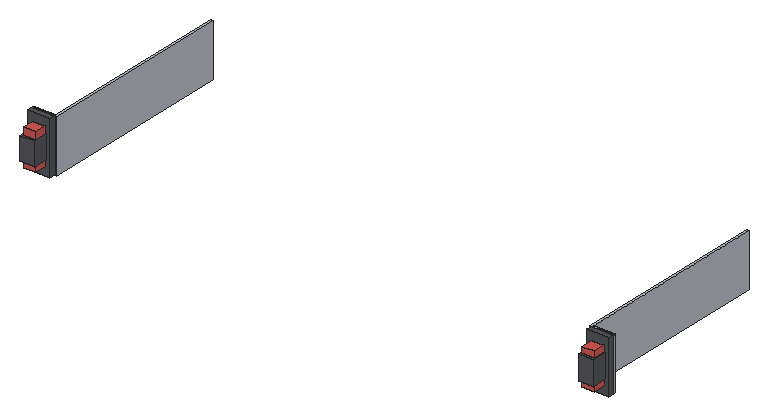
Revit family "Panneaux équipés cuivre", category Equipement spécialisé, Revit 2020
Family settings
  Cote de connecteur circulaire = Utiliser le diamètre
  Type d'élément = Normal
  Basée sur le plan de construction = Non
  Toujours verticalement = Oui
  Couper avec des vides une fois chargée = Non
  Partagée = Oui
  Point de calcul de pièce = Non
Parameters (values of type "Panneau équipé 24 RJ45 Cat 8 STP 1U")
  Type de connexion = "Contact pour connexion autodénudante"
  Type de connecteur = "RJ45"
  Température de stockage = "-40°C à 70°C"
  Température de fonctionnement = "-25°C à 70°C"
  Référence Legrand = "033782"
  RAL = "9017"
  Profondeur = 120.00 mm
  Nombre de connecteurs = "24"
  Nombre d'unités en hauteur = "1"
  Nature du câble pour connexion = "Souple ou rigide"
  Maintien du câble = "A chicane"
  Lien e-catalogue = "https://www.legrand.fr/reference/033782/pro"
  Libellé BIM = "Panneau équipé 24 RJ45 Cat 8 STP 1U"
  Largeur (mm) = 482.60 mm
  Indice de protection IK = "IK03"
  Hauteur = 44.45 mm
  Fonction = "Panneaux de brassage droits équipés"
  Elévation par défaut = 0.00 mm
  EAN = "3414970982063"
  Dimension modulaire = "19 pouces"
  Couleur = IDS_NOIR
  Classe d'application = "EC001128"
  Catégorie = "8"
  Blindé = yes
Types (8, lengths in mm): name | Référence Legrand | Profondeur | Lien e-catalogue | Libellé BIM | Largeur (mm) | Hauteur | EAN | Catégorie | Blindé
  Panneau équipé 24 RJ45 Cat 5e UTP 1U | "033750" | 321.70 | "https://www.legrand.fr/reference/033750/pro" | "Panneau équipé 24 RJ45 Cat 5e UTP 1U" | 482.50 | 43.85 | "3414970870308" | "5E" | no
  Panneau équipé 24 RJ45 Cat 5e FTP 1U | "033751" | 321.70 | "https://www.legrand.fr/reference/033751/pro" | "Panneau équipé 24 RJ45 Cat 5e FTP 1U" | 482.50 | 43.85 | "3414970870322" | "5E" | yes
  Panneau équipé 24 RJ45 Cat 6 UTP 1U | "033760" | 321.70 | "https://www.legrand.fr/reference/033760/pro" | "Panneau équipé 24 RJ45 Cat 6 UTP 1U" | 482.50 | 43.85 | "3414970870537" | "6" | no
  Panneau équipé 24 RJ45 Cat 6 FTP 1U | "033761" | 321.70 | "https://www.legrand.fr/reference/033761/pro" | "Panneau équipé 24 RJ45 Cat 6 FTP 1U" | 482.50 | 43.85 | "3414970870551" | "6" | yes
  Panneau équipé 24 RJ45 Cat 6 STP 1U | "033762" | 321.70 | "https://www.legrand.fr/reference/033762/pro" | "Panneau équipé 24 RJ45 Cat 6 STP 1U" | 482.50 | 43.85 | "3414970870575" | "6" | yes
  Panneau équipé 24 RJ45 Cat 6A UTP 1U | "033770" | 321.70 | "https://www.legrand.fr/reference/033770/pro" | "Panneau équipé 24 RJ45 Cat 6A UTP 1U" | 482.50 | 43.85 | "3414970870681" | "6A" | no
  Panneau équipé 24 RJ45 Cat 6A STP 1U | "033772" | 321.70 | "https://www.legrand.fr/reference/033772/pro" | "Panneau équipé 24 RJ45 Cat 6A STP 1U" | 482.50 | 43.85 | "3414970870704" | "6A" | yes
  Panneau équipé 24 RJ45 Cat 8 STP 1U | "033782" | 120.00 | "https://www.legrand.fr/reference/033782/pro" | "Panneau équipé 24 RJ45 Cat 8 STP 1U" | 482.60 | 44.45 | "3414970982063" | "8" | yes
Reference planes
  plane 1 "Centre (avant/arrière)": y = 106
  plane 2: z = 0
  plane 3: x = 0
  plane 4: y = 104.5
  plane 5: x = -1.5
  plane 6: y = 267
  plane 7: x = -19.5
  plane 8: x = 463
  plane 9: x = 443.5
  plane 10: x = 445
  plane 11: y = 267
  plane 12: z = 43.85
  plane 13: z = 43.85
  plane 14: x = -14.25
  plane 15: x = -6.75
  plane 16: z = 34.803
  plane 17: z = 40.803
  plane 18: z = 25.178
  plane 19: z = 18.678
  plane 20: z = 9.053
  plane 21: z = 3.053
  plane 22: x = 221.75
  plane 23: x = -10.5
  plane 24: x = 221.75
  plane 25: x = 457.75
  plane 26: x = 450.25
  plane 27: z = 34.805
  plane 28: z = 40.805
  plane 29: z = 25.175
  plane 30: z = 18.675
  plane 31: z = 9.045
  plane 32: z = 3.045
  plane 33: x = 221.75
  plane 34: x = 454
  plane 35: z = 21.925
  plane 36: z = 21.925
  plane 37: x = -10.5
  plane 38: z = 21.925
  plane 39: z = 21.925
  plane 40: x = 454
  plane 41: x = -10.5
  plane 42: x = 454
Forms (mm)
  Extrusion 1, solid, material "IDS_ALU"
    sketch origin (-186.207, 0, 0) x (1, 0, 0) y (0, 1, 0)
      loop
        line (166.707, 104.5) -> (186.207, 104.5) -> (186.207, 267) -> (184.707, 267) -> (184.707, 106) -> (166.707, 106) -> (166.707, 104.5)
    from 0 to 43.85
  Extrusion 2, solid, material "IDS_ALU"
    sketch origin (-186.207, 0, 0) x (1, 0, 0) y (0, 1, 0)
      loop
        line (629.707, 104.5) -> (649.207, 104.5) -> (649.207, 106) -> (631.207, 106) -> (631.207, 267) -> (629.707, 267) -> (629.707, 104.5)
    from 0 to 43.85
  Extrusion 3, void
    sketch origin (0, 106, 0) x (1, 0, 0) y (0, 0, 1)
      loop
        line (-14.25, 40.803) -> (-14.25, 34.803) -> (-6.75, 34.803) -> (-6.75, 40.803) -> (-14.25, 40.803)
      loop
        line (-14.25, 25.178) -> (-14.25, 18.678) -> (-6.75, 18.678) -> (-6.75, 25.178) -> (-14.25, 25.178)
      loop
        line (-14.25, 9.053) -> (-14.25, 3.053) -> (-6.75, 3.053) -> (-6.75, 9.053) -> (-14.25, 9.053)
    from 0 to 1.5
  Extrusion 4, void
    sketch origin (443.5, 106, 0) x (-1, 0, 0) y (0, 0, -1)
      loop
        line (-14.25, -40.805) -> (-6.75, -40.805) -> (-6.75, -34.805) -> (-14.25, -34.805) -> (-14.25, -40.805)
      loop
        line (-14.25, -25.175) -> (-6.75, -25.175) -> (-6.75, -18.675) -> (-14.25, -18.675) -> (-14.25, -25.175)
      loop
        line (-14.25, -9.045) -> (-6.75, -9.045) -> (-6.75, -3.045) -> (-14.25, -3.045) -> (-14.25, -9.045)
    from 0 to 1.5
  Extrusion 5, solid, material "IDS_NOIR"
    sketch origin (-19.5, 95.233, 0) x (1, 0, 0) y (0, 0, 1)
      loop
        line (3, 31.425) -> (3, 12.425) -> (15, 12.425) -> (15, 31.425) -> (3, 31.425)
    from -4.267 to 7.733
  Extrusion 6, solid, material "IDS_NOIR"
    sketch origin (443, 104.5, 0) x (1, 0, 0) y (0, 0, 1)
      loop
        line (5, 31.925) -> (5, 11.925) -> (17, 11.925) -> (17, 31.925) -> (5, 31.925)
    from 5 to 17
  Extrusion 7, solid, material "IDS_ROUGE"
    sketch origin (443, 104.5, 0) x (1, 0, 0) y (0, 0, 1)
      loop
        line (6, 31.925) -> (16, 31.925) -> (16, 36.925) -> (6, 36.925) -> (6, 31.925)
      loop
        line (6, 11.925) -> (6, 6.925) -> (16, 6.925) -> (16, 11.925) -> (6, 11.925)
    from 5 to 15
  Extrusion 8, solid, material "IDS_NOIR"
    sketch origin (-19.5, 104.5, 0) x (1, 0, 0) y (0, 0, 1)
      loop
        line (0, 43.85) -> (0, 0) -> (18, 0) -> (18, 43.85) -> (0, 43.85)
    from 0 to 5
  Extrusion 9, solid, material "IDS_ROUGE"
    sketch origin (-19.5, 104.5, 0) x (1, 0, 0) y (0, 0, 1)
      loop
        line (4, 31.425) -> (14, 31.425) -> (14, 36.925) -> (4, 36.925) -> (4, 31.425)
      loop
        line (4, 12.425) -> (4, 6.925) -> (14, 6.925) -> (14, 12.425) -> (4, 12.425)
    from 15 to 5
  Extrusion 10, solid, material "IDS_NOIR"
    sketch origin (-19.5, 104.5, 0) x (1, 0, 0) y (0, 0, 1)
      loop
        line (464.5, 43.85) -> (464.5, 0) -> (482.5, 0) -> (482.5, 43.85) -> (464.5, 43.85)
    from 0 to 5
Cuts and joins
  Extrusion 3, Extrusion 4 cuts Extrusion 1
  Extrusion 4 cuts Extrusion 2
Dimensions and locks
  locked: plane 1 "Centre (avant/arrière)" to plane 4 at 1.5
  locked: plane 5 to plane 3 at 1.5
  locked: plane 6 to plane 4 at 162.5
  plane 7 to plane 3 = 19.50 mm
  plane 7 to plane 8 = 482.50 mm
  locked: plane 9 to plane 8 at 19.5
  plane 9 to plane 10 = 1.50 mm
  locked: plane 12 to level at 43.85
  plane 18 to plane 19 = 6.50 mm
  plane 15 to plane 14 = 7.50 mm
  equal spacing: plane 8, plane 22, plane 7
  plane 23 to plane 22 = 232.25 mm
  equal spacing: plane 15, plane 23, plane 14
  plane 16 to plane 18 = 9.625 mm
  plane 19 to plane 20 = 9.625 mm
  plane 17 to plane 16 = 6.00 mm
  plane 20 to plane 21 = 6.00 mm
  equal spacing: plane 8, plane 24, plane 7
  plane 29 to plane 30 = 6.50 mm
  plane 26 to plane 25 = 7.50 mm
  plane 34 to plane 33 = 232.25 mm
  equal spacing: plane 26, plane 34, plane 25
  plane 27 to plane 29 = 9.63 mm
  plane 30 to plane 31 = 9.63 mm
  plane 28 to plane 27 = 6.00 mm
  plane 31 to plane 32 = 6.00 mm
  plane 3 to cut or joined group of Extrusion 2, Extrusion 4 = 443.50 mm
  equal spacing: plane 12, plane 35, level
  plane 3 to plane 7 = 19.50 mm
  locked: Extrusion 5 sketch curve to Extrusion 5 sketch curve at 12
  locked: plane 36 to level at 21.925
  equal spacing: cut or joined group of Extrusion 1, Extrusion 3, Extrusion 4, plane 37, cut or joined group of Extrusion 1, Extrusion 3, Extrusion 4
  equal spacing: Extrusion 5 sketch curve, plane 37, Extrusion 5 sketch curve
  equal spacing: Extrusion 5 sketch curve, plane 35, Extrusion 5 sketch curve
  equal spacing: plane 13, plane 38, cut or joined group of Extrusion 2, Extrusion 4
  locked: Extrusion 6 sketch curve to Extrusion 6 sketch curve at 12
  equal spacing: Extrusion 6 sketch curve, plane 40, Extrusion 6 sketch curve
  equal spacing: Extrusion 6 sketch curve, plane 39, Extrusion 6 sketch curve
  plane 35 to Extrusion 5 sketch curve = 9.50 mm
  locked: Extrusion 8 to Extrusion 8 at 5
  Extrusion 9 sketch curve to Extrusion 5 = 5.50 mm
  Extrusion 5 to Extrusion 9 sketch curve = 5.50 mm
  locked: Extrusion 9 sketch curve to Extrusion 9 sketch curve at 10  (x2)
  equal spacing: Extrusion 5, plane 41, Extrusion 5
  equal spacing: Extrusion 9 sketch curve, plane 41, Extrusion 9 sketch curve  (x2)
  Extrusion 9 sketch curve to plane 41 = 5.00 mm
  Extrusion 8 to Extrusion 5 = 12.00 mm
  Extrusion 9 to Extrusion 8 = 10.00 mm
  Extrusion 10 to Extrusion 10 = 5.00 mm
  Extrusion 6 to Extrusion 10 = 12.00 mm
  Extrusion 7 to Extrusion 10 = 10.00 mm
  plane 39 to Extrusion 6 sketch curve = 10.00 mm
  equal spacing: cut or joined group of Extrusion 2, Extrusion 4, plane 40, cut or joined group of Extrusion 2, Extrusion 4
  Extrusion 7 sketch curve to Extrusion 6 = 5.00 mm
  Extrusion 6 to Extrusion 7 sketch curve = 5.00 mm
  equal spacing: Extrusion 6, plane 42, Extrusion 6
  equal spacing: Extrusion 7 sketch curve, plane 42, Extrusion 7 sketch curve
  Extrusion 7 sketch curve to plane 42 = 5.00 mm
  aligned and locked: level to plane 2
  aligned and locked: Extrusion 1 sketch curve to plane 4
  aligned and locked: Extrusion 1 sketch curve to plane 3
  aligned and locked: Extrusion 1 sketch curve to plane 5
  aligned and locked: Extrusion 1 sketch curve to plane 1 "Centre (avant/arrière)"
  aligned and locked: Extrusion 1 sketch curve to plane 6
  aligned and locked: Extrusion 1 sketch curve to plane 7
  aligned and locked: Extrusion 1 to level
  aligned and locked: plane 11 to plane 6
  aligned and locked: Extrusion 2 sketch curve to plane 4
  aligned and locked: Extrusion 2 sketch curve to plane 9
  aligned and locked: Extrusion 2 sketch curve to plane 10
  aligned and locked: Extrusion 2 sketch curve to plane 1 "Centre (avant/arrière)"
  aligned and locked: Extrusion 2 sketch curve to plane 8
  aligned and locked: Extrusion 2 sketch curve to plane 11
  aligned and locked: plane 13 to plane 12
  aligned and locked: plane 12 to Extrusion 1
  aligned and locked: Extrusion 2 to Extrusion 1
  aligned and locked: Extrusion 3 sketch curve to plane 17
  aligned and locked: Extrusion 3 sketch curve to plane 16
  aligned and locked: Extrusion 3 sketch curve to plane 14  (x3)
  aligned and locked: Extrusion 3 sketch curve to plane 15  (x3)
  aligned and locked: Extrusion 3 sketch curve to plane 18
  aligned and locked: Extrusion 3 sketch curve to plane 19
  aligned and locked: Extrusion 3 sketch curve to plane 20
  aligned and locked: Extrusion 3 sketch curve to plane 21
  aligned and locked: Extrusion 3 to plane 4
  aligned and locked: Extrusion 3 to plane 1 "Centre (avant/arrière)"
  aligned and locked: plane 28 to Extrusion 4 sketch curve
  aligned and locked: plane 27 to Extrusion 4 sketch curve
  aligned and locked: plane 25 to Extrusion 4 sketch curve  (x3)
  aligned and locked: plane 26 to Extrusion 4 sketch curve  (x3)
  aligned and locked: plane 29 to Extrusion 4 sketch curve
  aligned and locked: plane 30 to Extrusion 4 sketch curve
  aligned and locked: plane 31 to Extrusion 4 sketch curve
  aligned and locked: plane 32 to Extrusion 4 sketch curve
  aligned and locked: Extrusion 7 sketch curve to Extrusion 7 sketch curve  (x2)
  aligned and locked: Extrusion 8 sketch curve to cut or joined group of Extrusion 1, Extrusion 3, Extrusion 4  (x3)
  aligned and locked: level to Extrusion 8 sketch curve
  aligned and locked: plane 4 to Extrusion 8
  aligned and locked: Extrusion 5 to Extrusion 8
  aligned and locked: Extrusion 9 sketch curve to Extrusion 5
  aligned and locked: Extrusion 5 to Extrusion 9 sketch curve
  aligned and locked: Extrusion 5 to Extrusion 9
  aligned and locked: Extrusion 10 sketch curve to cut or joined group of Extrusion 2, Extrusion 4
  aligned and locked: Extrusion 10 sketch curve to plane 8
  aligned and locked: plane 13 to Extrusion 10 sketch curve
  aligned and locked: level to Extrusion 10 sketch curve
  aligned and locked: Extrusion 6 to Extrusion 10
  aligned and locked: Extrusion 6 to Extrusion 7
Automatic sketch dimensions
  Extrusion 1 to Extrusion 6 sketch curve = 11.925 mm
  Extrusion 1 to Extrusion 7 sketch curve = 11.925 mm  (x2)
